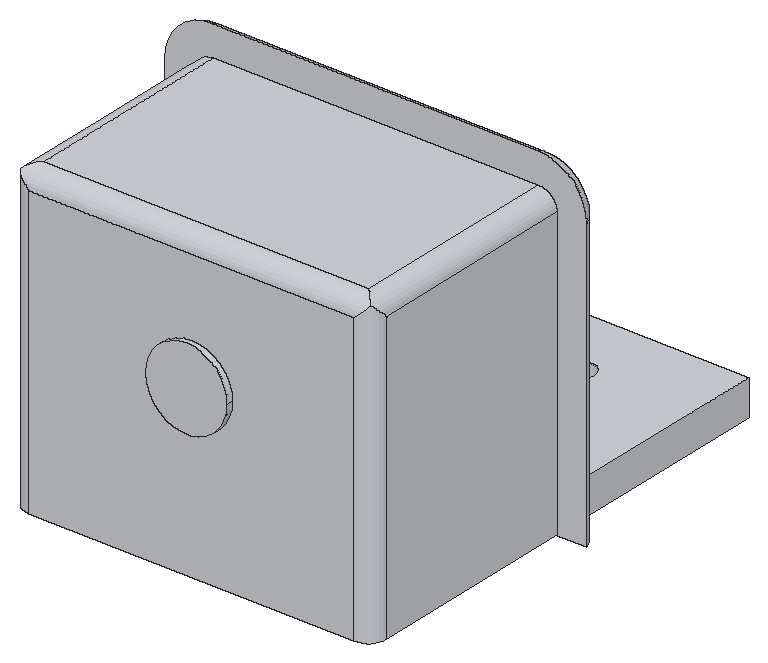
Revit family "Service_Sink-Willoughby-CSS-2419", category Plumbing Fixtures, Revit 2015
Parameters (values of type "Standard")
  Waste Connection = no
  Vent Connection = no
  URL = "https://www.willoughby-ind.com/wp-content/uploads/2018/01/CSS-2419.pdf"
  Revision = "A"
  Model = "CSS-2419"
  Manufacturer = "Willoughby Industries"
  HW Connection = no
  Description = "Commercial Service Sink"
  Default Elevation = 0' - 0"
  Contact = "800-428-4065"
  CW Connection = no
Reference planes (in)
  plane 1 "Center (Front/Back)": y = 0
  plane 2: z = 0
  plane 3 "Center (Left/Right)": x = 0
  plane 4 "Sink HGT": y = 34
  plane 5 "Basin Left": x = -10
  plane 6 "Basin Right": x = 10
  plane 7: y = 20
  plane 8 "Frame BRKT Bottom": y = 18
  plane 9 "Top Of Unit": y = 46
  plane 10: z = 2
  plane 11 "Basin Front": z = 17
  plane 12 "Basin Lip Front": z = 18.75
Forms (in)
  Extrusion 1, solid
    sketch origin (0, 0, 17) x (1, 0, 0) y (0, 1, 0)
      loop
        line (-10, 34) -> (-10, 21)
        arc (-10, 21) -> (-9.70711, 20.29289) -> (-9, 20) r 1
        line (-9, 20) -> (9, 20)
        arc (9, 20) -> (9.70711, 20.29289) -> (10, 21) r 1
        line (10, 21) -> (10, 34) -> (-10, 34)
    from 0 to -17
  Extrusion 2, void
    sketch origin (0, 0, 0) x (0, 1, 0) y (0, 0, 1)
      loop
        line (20, 17) -> (20, 16)
        arc (20, 16) -> (20.29289, 16.70711) -> (21, 17) r 1
        line (21, 17) -> (20, 17)
    from -10 to 10
  Extrusion 3, void
    sketch origin (0, 34, 0) x (-1, 0, 0) y (0, 0, 1)
      loop
        line (-10, 17) -> (-10, 16)
        arc (-10, 16) -> (-9.70711, 16.70711) -> (-9, 17) r 1
        line (-9, 17) -> (-10, 17)
    from 0 to -14
  Extrusion 4, void
    sketch origin (0, 34, 0) x (-1, 0, 0) y (0, 0, 1)
      loop
        line (10, 17) -> (9, 17)
        arc (9, 17) -> (9.70711, 16.70711) -> (10, 16) r 1
        line (10, 16) -> (10, 17)
    from 0 to -14
  Extrusion 5, void
    sketch origin (0, 34, 0) x (-1, 0, 0) y (0, 0, 1)
      loop
        line (9.92163, 2.09869) -> (9.92163, 16.00515)
        arc (9.92163, 16.00515) -> (9.66491, 16.64713) -> (9.0363, 16.93508) r 0.93105
        line (9.0363, 16.93508) -> (-9.01256, 16.93508)
        arc (-9.01256, 16.93508) -> (-9.61365, 16.68056) -> (-9.90947, 16.09869) r 0.95193
        line (-9.90947, 16.09869) -> (-9.90947, 2.09869) -> (9.92163, 2.09869)
    from 0 to -13
  Extrusion 6, solid
    sketch origin (0, 34, 0) x (-1, 0, 0) y (0, 0, 1)
      loop
        line (-10, 0) -> (10, 0) -> (10, 2) -> (-10, 2) -> (-10, 0)
    from 0 to 12
  Sweep 7, solid
    path origin (0, 34, 0) x (-1, 0, 0) y (0, 0, 1)
      loop
        line (-9.91615, 0) -> (-9.91615, 16)
        arc (-9.91615, 16) -> (-9.64227, 16.6612) -> (-8.98108, 16.93508) r 0.93508
        line (-8.98108, 16.93508) -> (9.0363, 16.93508)
        arc (9.0363, 16.93508) -> (9.66233, 16.67577) -> (9.92163, 16.04975) r 0.88533
        line (9.92163, 16.04975) -> (9.92163, 0.04975)
    profile origin (9.91615, 34, 8) x (1, 0, 0) y (0, 1, 0)
      loop
        line (-0.00668, -1.25) -> (1.74332, -1.25)
        arc (1.74332, -1.25) -> (1.06859, -0.34463) -> (-0.00668, 0) r 1.85021
        line (-0.00668, 0) -> (-0.00668, -1.25)
  Extrusion 8, void
    sketch origin (0, 0, 0) x (1, 0, 0) y (0, 1, 0)
      loop
        circle (-4.02761, 42) r 0.75
      loop
        circle (3.97239, 42) r 0.75
    from 0 to 12
  Extrusion 9, solid
    sketch origin (0, 0, 0) x (1, 0, 0) y (0, 0, 1)
      loop
        circle (0, 9.5) r 2.25
    from -20 to -19.65625
Cuts and joins
  Extrusion 2, Extrusion 3, Extrusion 4, Extrusion 5 cuts Extrusion 1
  Extrusion 8 cuts Extrusion 6
Lines and regions (in)
  symbolic lines
    curve 1: line (-10, 21, 17) -> (-10, 34, 17)
    curve 3: line (-10, 34, 17) -> (9.90933, 34, 17)
    curve 4: line (-9, 20, 17) -> (9, 20, 17)
    curve 5: arc (-10, 21, 17) -> (-9.70711, 20.29289, 17) -> (-9, 20, 17) r 1
    curve 6: arc (9, 20, 17) -> (9.70711, 20.29289, 17) -> (10, 21, 17) r 1
    curve 7: line (10, 21, 17) -> (10, 34, 17)
    curve 9: line (9.90933, 34, 17) -> (-10, 34, 17)
    curve 11: line (-10, 34, 17) -> (-10, 46, 17)
    curve 12: line (-10, 46, 17) -> (10, 46, 17)
    curve 13: line (10, 46, 17) -> (10, 34, 17)
  symbolic lines, detail levels medium+fine
    curve 2: line (-11.66496, 32.75, 17) -> (11.65947, 32.75, 17)
    curve 8: arc (9.90933, 34, 17) -> (10.98468, 33.65541, 17) -> (11.65947, 32.75, 17) r 1.85021
    curve 10: arc (-10, 34, 17) -> (-11.04098, 33.65272, 17) -> (-11.66496, 32.75, 17) r 1.73383
Dimensions and locks (in)
  aligned and locked: plane 5 "Basin Left" to Extrusion 1
  aligned and locked: Extrusion 1 to plane 6 "Basin Right"
  aligned and locked: Extrusion 1 to plane 7
  aligned and locked: plane 4 "Sink HGT" to Extrusion 1
Connectors (in)
  piping at (0, 19.65625, 9.5), diameter 1.5
    settings: on Extrusion 9, index 1, connector inside diameter 24", connector length 0' - 0", flow factor 0, pipe flow 0 GPM, pressure drop 0.00 psi, fitting loss kfactor 0, connector angle 0.00°, fixture units 0, engagement length 0' - 0", angle of deflection 0.00°, flow configuration 0, flow direction 0, fitting loss method 0, system type 7, joint type 0, gender type 0, connector reference index -1, connector utility 0, adjustable connector no, is connector primary yes, connector description ""
